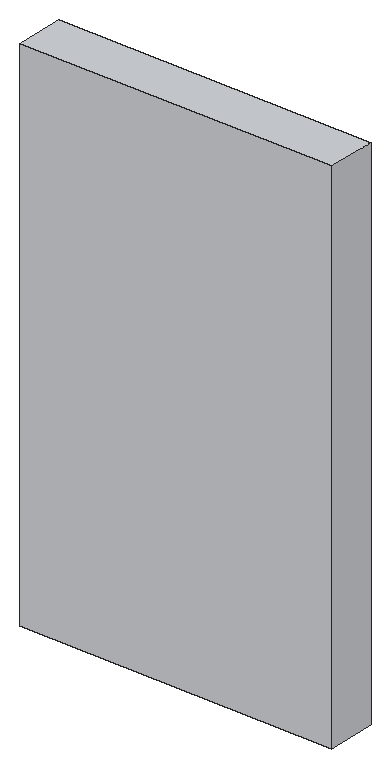
Revit family
Parameters
  Warranty Duration (Years) = 0
  Unit Width [instance] = 1' - 8 177/256"
  Unit Height [instance] = 0' - 9 99/256"
  Unit Depth = 0' - 0"
  URL = "http://www.americanspecialties.com/viewCategories.cfm"
  Trim Material = Plastic 2
  Test Data = ""
  Specification = "http://www.arcat.com/sdspecs/htm/10810asi.htm"
  SpecWizard = ""
  Send Message = "http://www.arcat.com/users.pl?action=UserEmail&company=American%20Specialties,%20Inc.&coid=30448&rep=139&fax=914-476-0688&mf="
  Sales Information = "http://www.americanspecialties.com/contact"
  Revision = "R1_10-2010"
  Product Properties = "http://www.americanspecialties.com/datasheets/0356.pdf"
  Product Data = "http://www.arcat.com/arcatcos/cos30/arc30448.html"
  Model = "As Specified in 10 28 13"
  Manufacturer Website = "http://www.americanspecialties.com/viewCategories.cfm"
  Manufacturer Phone - Toll Free = ""
  Manufacturer Phone = "914-476-9000 "
  Manufacturer Fax = "914-476-0688"
  Manufacturer Address = "441 Saw Mill River Rd., Yonkers, NY 10701"
  Manufacturer = "American Specialties, Inc."
  Maintenance Schedule (Months) = 0
  Keynote = "10 28 13"
  Installation-Fabrication = "http://www.americanspecialties.com/products.cfm"
  Green Building-LEED = ""
  Expected Lifespan (Years) = 0
  Drawn By = "Robert S. Weygant. CSI, CDT, SCIP"  # constant formula
  Description = "Toilet Accessory as Specified in 10 28 13"
  Default Elevation = 4' - 0"
  Copyright = "©Arcat Inc."
  Construction Details = "http://www.arcat.com/green/clients/leed_data_30448.html"
  Building Codes = "http://www.americanspecialties.com/products.cfm"
  Body Material = Metal - Stainless Steel
  Assembly Code = "C1030210"
Reference planes (in)
  plane 1 "Floor Line": z = 0
  plane 2 "Center (Left/Right)": x = -0.65843
  plane 3: y = 1.94127
  plane 4: y = 9.56627
  plane 5: x = -2.65843
  plane 6: x = 1.34157
  plane 7: x = -2.40843
Forms (in)
  Extrusion 1, solid
    sketch origin (-3, -9, -6) x (0, 0, -1) y (1, 0, 0)
      loop
        line (-82, 26) -> (-82, -19.34712) -> (-6, -19.34712) -> (-6, 26) -> (-82, 26)
    from 9 to 1.92535
  Extrusion 2, solid, material "Metal - Stainless Steel" <- "Body Material"
    sketch origin (-0.65843, 0, -16.91991) x (0, 1, 0) y (0, 0, 1)
      loop
        line (2.95888, 16.93759) -> (5.95888, 16.93759) -> (5.95888, 17.27093) -> (5.43305, 17.27093)
        arc (5.43305, 17.27093) -> (4.95077, 17.46937) -> (4.70888, 17.93139) r 0.7624
        line (4.70888, 17.93139) -> (4.70888, 21.06259) -> (3.70888, 21.06259) -> (3.70888, 17.90234)
        arc (3.70888, 17.90234) -> (3.55843, 17.50781) -> (3.20888, 17.27093) r 0.7021
        line (3.20888, 17.27093) -> (2.95888, 17.27093) -> (2.95888, 16.93759)
    from -2 to 2
  Revolve 3, solid, material "Metal - Stainless Steel" <- "Body Material"
    sketch origin (-0.65843, 0, -16.91991) x (0, 1, 0) y (0, 0, 1)
      loop
        line (3.50884, 20.38552) -> (2.45981, 20.22237) -> (2.31013, 19.81115) -> (1.94127, 19.81115) -> (1.94127, 19.68759) -> (3.70888, 19.68759) -> (3.70888, 20.38552) -> (3.50884, 20.38552)
      axis (1.94127, 19.68759) -> (3.70888, 19.68759)
    angle from 0 to 360
  Extrusion 4, solid, material "Plastic 2" <- "Trim Material"
    sketch origin (-0.65843, 0, -16.91991) x (0, 1, 0) y (0, 0, 1)
      loop
        line (4.79556, 21.06259) -> (4.79556, 18.50009) -> (6.95888, 18.50009) -> (9.56627, 18.50009) -> (9.56627, 21.06259) -> (6.95888, 21.06259) -> (4.79556, 21.06259)
    from -2 to 2
  Extrusion 5, void
    sketch origin (0, 0, 0) x (1, 0, 0) y (0, 1, 0)
      loop
        line (-2.65652, 6.98076) -> (-2.4222, 9.42284)
        arc (-2.4222, 9.42284) -> (-2.35487, 9.52439) -> (-2.24047, 9.56627) r 0.19531
        line (-2.24047, 9.56627) -> (0.9236, 9.56627)
        arc (0.9236, 9.56627) -> (1.03801, 9.52439) -> (1.10533, 9.42284) r 0.19531
        line (1.10533, 9.42284) -> (1.33965, 6.98076) -> (1.59157, 6.98076) -> (1.59157, 9.88026) -> (-0.65843, 9.88026) -> (-2.90843, 9.88026) -> (-2.90843, 6.98076) -> (-2.65652, 6.98076)
    from -0.56487 to 5.1176
Cuts and joins
  Extrusion 5 cuts Extrusion 4
Dimensions and locks (in)
  plane 3 to plane 4 = 0' - 7 5/8"
  cut or joined group of Extrusion 4, Extrusion 5 to cut or joined group of Extrusion 4, Extrusion 5 = 0' - 4"
  plane 4 to plane 3 = 0' - 7 5/8"
  aligned and locked: Extrusion 1 to level
